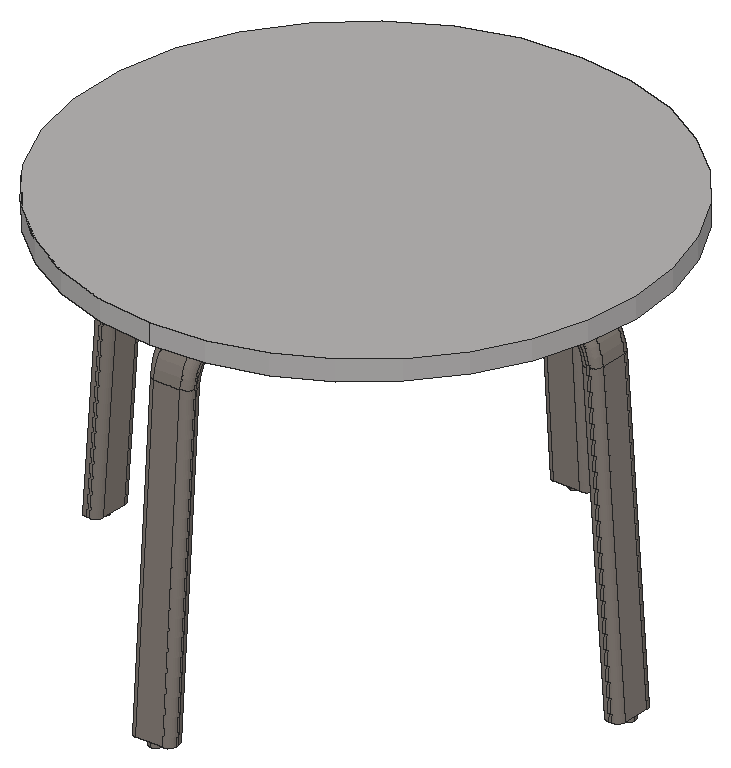
Revit family "Table-Teknion-Zones_ZNTFR-R2013", category Furniture, Revit 2013
Parameters (values of type "27" Diameter")
  Worksurface Finish [instance] = Seamless Paint - Teknion - 25 - Crisp Grey
  Width = 27"
  Warranty = "http://www.teknion.com/ca/papers/legal-canada"
  Unit Weight URL = "http://www.teknion.com/ca/tools/assets#&asset=bee6a381-b954-425e-8283-5a2de3a804f2,f828d448-4b62-4231-9e5f-9a8991c0ed77"
  URL = "www.teknion.com"
  Sustainability Data = "http://www.teknion.com/ca/tools/assets#&asset=444deb64-fe58-4b68-981e-f75e97781df7,b4ff2d81-9f2e-437d-9659-7cffb09c31cf"
  Series = "Zones"
  Product Page URL = "http://www.teknion.com/products/product-details?productLineId=b28c7a6e-8e7a-673b-a6c8-ff64004460c4"
  Product Line = "Zones"
  Product Documentation Link = "http://www.teknion.com/pricing/Zones/pdfs/ZNTFR_ppg.pdf"
  Part Number = "ZNTFR"
  Model = "ZNTFR27"
  Manufacturer Phone = "416-661-3370"
  Manufacturer Fax = "416.661.4586"
  Manufacturer Contact Information = "http://www.teknion.com/ca/contactus"
  Manufacturer Address = "1150 Flint Road, Toronto, ON. M3J 2J5. Canada"
  Manufacturer = "Teknion"  # constant formula
  Leg Wood Finish [instance] = Veneer - Teknion - BR - Greystone Beech
  Height = 19"
  Description = "Round Coffee Table, 27\"dia"
  Depth = 27"
  Assembly Code = "E2020200"
Types (3): name | Width | Model | Description | Depth
  (no name) | 27" | "ZNTFR27" | "Round Coffee Table, 27\"dia" | 27"
  24" Diameter | 24" | "ZNTFR24" | "Round Coffee Table, 24\"dia" | 24"
  27" Diameter | 27" | "ZNTFR27" | "Round Coffee Table, 27\"dia" | 27"
Reference planes (in)
  plane 1 "Center F/B": y = 0
  plane 2 "Bottom": z = 0
  plane 3 "Center L/R": x = 0
  plane 4 "Back": y = 13.5
  plane 5 "Front": y = -13.5
  plane 6 "Top": z = 19
  plane 7: z = 18
  plane 8 "Right": x = 13.5
  plane 9 "Left": x = -13.5
Forms (in)
  Sweep 1, solid, material "Seamless Paint - Teknion - 25 - Crisp Grey" <- "Worksurface Finish"
    path origin (0, 0, 0) x (1, 0, 0) y (0, 0, 1)
      loop
        line (0, 19) -> (0, 18)
    profile origin (0, 0, 18.5) x (0, -1, 0) y (1, 0, 0)
      loop
        circle (0, 0) r 13.5
Lines and regions (in)
  Masking region 1
    outline origin (0, 0, 19) x (-1, 0, 0) y (0, -1, 0)
      loop
        circle (0, 0) r 13.5
Dimensions and locks (in)
  equal spacing: plane 5 "Front", plane 1 "Center F/B", plane 4 "Back"
  "Depth": plane 5 "Front" to plane 4 "Back"
  locked: plane 7 to plane 6 "Top" at 1
  "Width": plane 9 "Left" to plane 8 "Right"
  equal spacing: plane 9 "Left", plane 3 "Center L/R", plane 8 "Right"
  "Height": plane 6 "Top" to plane 2 "Bottom"
  "Width": diameter of Sweep 1 sketch curve
  "Width": diameter of Sweep 1
  aligned and locked: level to plane 2 "Bottom"
  aligned and locked: plane 7 to Sweep 1 sketch curve
  aligned and locked: plane 6 "Top" to Sweep 1 sketch curve
  aligned and locked: plane 3 "Center L/R" to Sweep 1 sketch curve  (x2)
  aligned and locked: plane 1 "Center F/B" to Sweep 1 sketch curve
  aligned and locked: Masking region 1 sketch curve to Sweep 1
  aligned and locked: plane 5 "Front" to nested 1
  aligned and locked: plane 3 "Center L/R" to nested 1
  aligned and locked: nested 2 to plane 9 "Left"
  aligned and locked: plane 1 "Center F/B" to nested 2
  aligned and locked: plane 8 "Right" to nested 4
  aligned and locked: nested 4 to plane 1 "Center F/B"
  aligned and locked: plane 4 "Back" to nested 3
  aligned and locked: nested 3 to plane 3 "Center L/R"
  aligned and locked: plane 2 "Bottom" to nested 1
  aligned and locked: plane 2 "Bottom" to nested 4
  aligned and locked: plane 2 "Bottom" to nested 2
  aligned and locked: plane 2 "Bottom" to nested 3
Nested families (in)
  nested 1: "Table-Leg-Teknion-Zones_ZNTFR" at (0, -13.5, 0), type "Leg"
  nested 2: "Table-Leg-Teknion-Zones_ZNTFR" at (-13.5, 0, 0) x (0, -1, 0) z (0, 0, 1), type "Leg"
  nested 3: "Table-Leg-Teknion-Zones_ZNTFR" at (0, 13.5, 0) x (-1, 0, 0) z (0, 0, 1), type "Leg"
  nested 4: "Table-Leg-Teknion-Zones_ZNTFR" at (13.5, 0, 0) x (0, 1, 0) z (0, 0, 1), type "Leg"
Definition of nested family "Table-Leg-Teknion-Zones_ZNTFR"
  Parameters (values of type "Leg")
    Warranty = "http://www.teknion.com/ca/papers/legal-canada"
    URL = "www.teknion.com"
    Sustainability Data = "http://www.teknion.com/ca/tools/assets#&asset=444deb64-fe58-4b68-981e-f75e97781df7,b4ff2d81-9f2e-437d-9659-7cffb09c31cf"
    Series = ""
    Product Page URL = ""
    Product Line = ""
    Product Documentation Link = ""
    Part Number = ""
    Model = ""
    Manufacturer Phone = "416-661-3370"
    Manufacturer Fax = "416.661.4586"
    Manufacturer Contact Information = "http://www.teknion.com/ca/contactus"
    Manufacturer Address = "1150 Flint Road, Toronto, ON. M3J 2J5. Canada"
    Manufacturer = "Teknion"  # constant formula
    Leg Wood Finish = Veneer - Teknion - BR - Greystone Beech
    Description = ""
    Assembly Code = "E2020200"
  Reference planes (in)
    plane 1 "Center F/B": y = 0
    plane 2 "Bottom": z = 0
    plane 3 "Center L/R": x = 0
    plane 4 "Back": y = 10.54397
    plane 5: z = 18
    plane 6 "Right": x = 1.04331
    plane 7 "Left": x = -1.04331
    plane 8 "Symbols Reference": z = 22
  Forms (in)
    Sweep 1, solid, material "Veneer - Teknion - BR - Greystone Beech" <- "Leg Wood Finish"
      path origin (0, 0, 0) x (0, 1, 0) y (0, 0, 1)
        loop
          line (0, 0) -> (0, 0.25)
      profile origin (0, 0, 0.125) x (0, -1, 0) y (1, 0, 0)
        loop
          circle (-0.39171, 0) r 0.31247
    Sweep 2, solid, material "Veneer - Teknion - BR - Greystone Beech" <- "Leg Wood Finish"
      path origin (0, 0, 0) x (0, 1, 0) y (0, 0, 1)
        loop
          line (0, 0.25) -> (1.11019, 15.74585)
          arc (1.11019, 15.74585) -> (1.88201, 17.35346) -> (3.54397, 18) r 2.42766
          line (3.54397, 18) -> (10.54397, 18)
      profile origin (0, 10.54397, 18) x (0, 0, 1) y (1, 0, 0)
        loop
          line (-0.94488, 0.64961) -> (-0.94488, -0.64961)
          arc (-0.94488, -0.64961) -> (-0.82957, -0.92799) -> (-0.55118, -1.04331) r 0.3937
          line (-0.55118, -1.04331) -> (-0.3937, -1.04331)
          arc (-0.3937, -1.04331) -> (-0.11531, -0.92799) -> (0, -0.64961) r 0.3937
          line (0, -0.64961) -> (0, 0.64961)
          arc (0, 0.64961) -> (-0.11531, 0.92799) -> (-0.3937, 1.04331) r 0.3937
          line (-0.3937, 1.04331) -> (-0.55118, 1.04331)
          arc (-0.55118, 1.04331) -> (-0.82957, 0.92799) -> (-0.94488, 0.64961) r 0.3937
    Sweep 3, void
      path origin (0, -12, 0) x (1, 0, 0) y (0, 0, 1)
        loop
          line (-1.04331, 0) -> (1.04331, 0)
      profile origin (0, -12, 0) x (0, 0, 1) y (0, -1, 0)
        loop
          line (0.25, -13.12111) -> (0.25, -12) -> (0, -12) -> (0, -13.12111) -> (0.25, -13.12111)
    Sweep 4, void
      path origin (0, -12, 0) x (1, 0, 0) y (0, 0, 1)
        loop
          line (0, 18) -> (0, 17.05512)
      profile origin (0, -12, 17.52756) x (0, -1, 0) y (1, 0, 0)
        loop
          arc (-21.83531, -1.04331) -> (-22.33641, -0.83574) -> (-22.54397, -0.33465) r 0.70866
          line (-22.54397, -0.33465) -> (-22.79397, -0.33465) -> (-22.79397, -1.29331) -> (-21.83531, -1.29331) -> (-21.83531, -1.04331)
        loop
          arc (-22.54397, 0.33465) -> (-22.33641, 0.83574) -> (-21.83531, 1.04331) r 0.70866
          line (-21.83531, 1.04331) -> (-21.83531, 1.29331) -> (-22.79397, 1.29331) -> (-22.79397, 0.33465) -> (-22.54397, 0.33465)
  Cuts and joins
    Sweep 3, Sweep 4 cuts Sweep 2
  Lines and regions (in)
    symbolic lines, style "FurnitureHiddenLines", detail levels medium+fine
      curve 1: arc (-1.04331, 9.83531, 22) -> (-0.83574, 10.33641, 22) -> (-0.33465, 10.54397, 22) r 0.70866
      curve 2: line (-0.33465, 10.54397, 22) -> (0.33465, 10.54397, 22)
      curve 3: arc (0.33465, 10.54397, 22) -> (0.83574, 10.33641, 22) -> (1.04331, 9.83531, 22) r 0.70866
      curve 4: arc (0.65562, 0, 22) -> (0.9303, 0.11794, 22) -> (1.04325, 0.39471, 22) r 0.39421
      curve 5: line (-0.65562, 0, 22) -> (0.65562, 0, 22)
      curve 6: arc (-1.04325, 0.39471, 22) -> (-0.9303, 0.11794, 22) -> (-0.65562, 0, 22) r 0.39421
      curve 10: line (-1.04331, 9.83531, 22) -> (-1.04325, 0.39471, 22)
      curve 11: line (1.04331, 9.83531, 22) -> (1.04325, 0.39471, 22)
    symbolic lines, style "FurnitureHiddenLines", detail levels fine
      curve 7: arc (-0.65562, 0.9473, 22) -> (-0.9303, 0.82937, 22) -> (-1.04325, 0.55259, 22) r 0.39421
      curve 8: line (0.65562, 0.9473, 22) -> (-0.65562, 0.9473, 22)
      curve 9: arc (1.04325, 0.55259, 22) -> (0.9303, 0.82937, 22) -> (0.65562, 0.9473, 22) r 0.39421
  Dimensions and locks (in)
    equal spacing: plane 7 "Left", plane 3 "Center L/R", plane 6 "Right"
    locked: Sweep 1 sketch curve to plane 2 "Bottom" at 0.25
    locked: plane 1 "Center F/B" to Sweep 1 sketch curve at 0.39171
    locked: plane 7 "Left" to plane 6 "Right" at 2.08661
    locked: plane 5 to Sweep 2 sketch curve at 0.94488
    locked: Sweep 2 sketch curve to plane 2 "Bottom" at 0.25
    locked: Sweep 3 sketch curve to plane 2 "Bottom" at 0.25
    locked: plane 1 "Center F/B" to Sweep 3 sketch curve at 1.12111
    locked: plane 5 to Sweep 4 sketch curve at 0.94488
    Sweep 4 sketch curve to plane 7 "Left" to plane 3 "Center L/R" to Sweep 4 sketch curve = 1/4" locked, 1.04331" locked, 1.29331" locked
    Sweep 4 sketch curve to plane 4 "Back" to Sweep 4 sketch curve = 1/4" locked, 0.70866" locked
    locked: plane 8 "Symbols Reference" to plane 2 "Bottom" at 22
    aligned and locked: level to plane 2 "Bottom"
    aligned and locked: plane 1 "Center F/B" to Sweep 1 sketch curve
    aligned and locked: plane 2 "Bottom" to Sweep 1
    aligned and locked: Sweep 2 sketch curve to plane 5
    aligned and locked: Sweep 2 sketch curve to plane 6 "Right"
    aligned and locked: plane 1 "Center F/B" to Sweep 2 sketch curve
    aligned and locked: plane 7 "Left" to Sweep 3 sketch curve
    aligned and locked: plane 6 "Right" to Sweep 3 sketch curve
    aligned and locked: Sweep 3 sketch curve to plane 2 "Bottom"  (x2)
    aligned and locked: Sweep 3 sketch curve to plane 1 "Center F/B"
    aligned and locked: plane 5 to Sweep 4 sketch curve
    aligned and locked: Sweep 4 sketch curve to plane 3 "Center L/R"
    aligned and locked: curve 1 to cut or joined group of Sweep 2, Sweep 3, Sweep 4
    aligned and locked: curve 3 to cut or joined group of Sweep 2, Sweep 3, Sweep 4
    aligned and locked: curve 4 to cut or joined group of Sweep 2, Sweep 3, Sweep 4
    aligned and locked: curve 5 to cut or joined group of Sweep 2, Sweep 3, Sweep 4
    aligned and locked: curve 6 to cut or joined group of Sweep 2, Sweep 3, Sweep 4
    aligned and locked: curve 8 to cut or joined group of Sweep 2, Sweep 3, Sweep 4
    aligned and locked: curve 9 to cut or joined group of Sweep 2, Sweep 3, Sweep 4
  Automatic sketch dimensions
    level to Sweep 1 sketch curve = 0"
    Sweep 1 sketch curve to plane 3 "Center L/R" = 0"
    Sweep 2 sketch curve to plane 3 "Center L/R" = 0.64961"
    Sweep 2 sketch curve to Sweep 2 sketch curve = 0.15748"  (x2)
    Sweep 2 sketch curve to Sweep 2 sketch curve = 0.3937"
    Sweep 2 sketch curve to Sweep 2 sketch curve = 0"
    Sweep 2 sketch curve to plane 5 = 0"
    Sweep 2 sketch curve to plane 1 "Center F/B" = 3.54397"
    Sweep 2 sketch curve to plane 4 "Back" = 0"
    Sweep 2 sketch curve to plane 1 "Center F/B" = 1.11019"
    Sweep 2 sketch curve to Sweep 2 sketch curve = 2.42146"
    Sweep 2 sketch curve to Sweep 2 sketch curve = 2.42763"
    profile plane to Sweep 4 sketch curve = 0.33465"
    Sweep 4 sketch curve to Sweep 4 sketch curve = 0"
    Sweep 4 sketch curve to Sweep 4 sketch curve = 1/4"  (x3)
    Sweep 4 sketch curve to profile plane = 0.33465"
    curve 4 to plane 6 "Right" = 0.00005"
    plane 7 "Left" to curve 6 = 0.00005"
    curve 9 to plane 6 "Right" = 0.00005"
    curve 7 to curve 6 = 0"
    plane 7 "Left" to curve 7 = 0.38769"
    plane 7 "Left" to curve 7 = 0.00005"
    curve 7 to curve 6 = 0.159"
    radius of Sweep 1 sketch curve = 0.31247"
